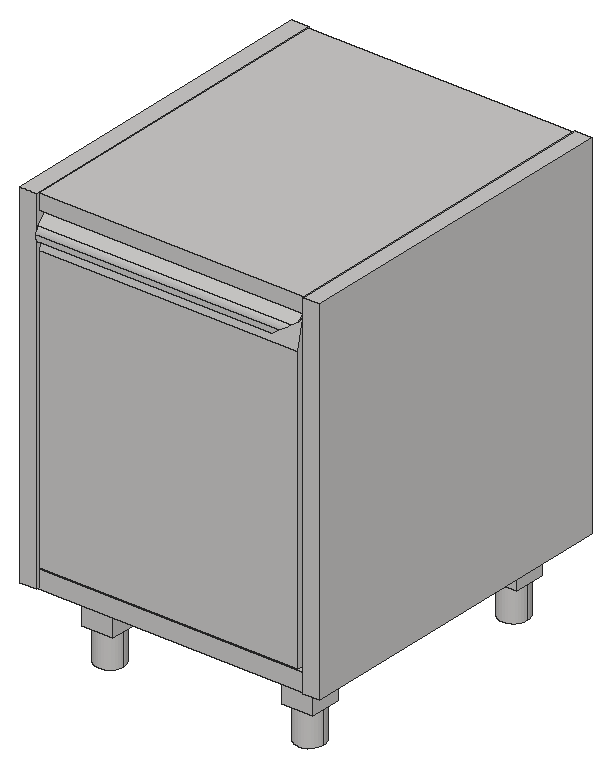
Revit family "QF_ELECTROLUXPROFESSIONAL_121819_TERP6DA", category Attrezzature speciali, Revit 2020
Family settings
  Quota connettore circolare = Usa diametro
  Tipo di parte = Normale
  Basato su piano di lavoro = No
  Sempre verticale = Sì
  Taglio con vuoti quando caricato = No
  Condiviso = No
  Punto di calcolo locali = No
Parameters (values of type "Standard")
  Weight = 10.00 kg
  Watts = 0 W
  Volts = 0 V
  URL Manufacturer = "https://www.electroluxprofessional.com/"
  URL = "https://www.electroluxprofessional.com/"
  Steam Supply Size = 0 mm
  Steam Supply Minimum Pressure = 0.0 Pa
  Steam Supply Maximum Pressure = 0.0 Pa
  Steam Consumption per Hour = 0
  Refrigeration Suction Line Size = 0.0 mm
  Refrigeration Liquid Line Size = 0.0 mm
  Refrigerant Compressor Remote = yes
  Prospetto di default = 0.0 mm
  Phase = 0
  Modello = "TERP6DA"
  Produttore = "Electrolux Professional"
  Length Actual = 600.0 mm  # constant formula
  Item Number = "121819"
  Hot Water Size = 0 mm
  Height Actual = 860.0 mm  # constant formula
  HP = "0 HP"
  Gas Size = 0 mm
  Gas KW = 0
  Gas Input Pressure = 0 W
  Direct Waste Size = 0 mm
  Descrizione = "AMBIENT UNIT PASS-THRU 1+1 DOOR 600MM"
  Depth Actual = 680.0 mm  # constant formula
  Cycle = 0 Hz
  Condensate Return Size = 0 mm
  Compressed Air Volume = 0.0 L/s
  Compressed Air Size = 0 mm
  Compressed Air Pressure = 0.0 Pa
  Cold Water Size = 0 mm
  Accessory = yes
Reference planes
  plane 1 "Center (Front/Back)": y = 0
  plane 2: z = 0
  plane 3 "Center (Left/Right)": x = -304.433
  plane 4 "LEFT": x = -604.433
  plane 5 "RIGHT": x = -4.433
  plane 6 "BACK": y = 340
  plane 7 "FRONT": y = -340
  plane 8 "Base": z = 860
  plane 9 "TOP": z = 900
  plane 10: x = -504.433
  plane 11: x = -104.433
  plane 12: y = 270
  plane 13: y = -240
  plane 14 "FEET": z = 150
  plane 15: x = -570.433
  plane 16: x = -38.433
  plane 17: y = -337
  plane 18: y = 297
  plane 19: y = -900
  plane 20: y = 337
Forms (mm)
  Extrusion 1, solid, material "QF_Finishes_Stainless Steel"
    sketch origin (0, 0, 150) x (-1, 0, 0) y (0, -1, 0)
      loop
        line (604.433, -340) -> (604.433, 340) -> (570.433, 340) -> (570.433, -340) -> (604.433, -340)
      loop
        line (38.433, -340) -> (38.433, 340) -> (4.433, 340) -> (4.433, -340) -> (38.433, -340)
    from 0 to 710
  Extrusion 2, solid, material "QF_Finishes_Stainless Steel"
    sketch origin (0, 0, 150) x (-1, 0, 0) y (0, -1, 0)
      loop
        line (570.433, -337) -> (570.433, 337) -> (38.433, 337) -> (38.433, -337) -> (570.433, -337)
    from 0 to 35
  Extrusion 3, solid, material "QF_Finishes_Stainless Steel"
    sketch origin (0, 0, 0) x (1, 0, 0) y (0, 1, 0)
      loop
        line (-570.433, 297) -> (-570.433, -297) -> (-38.433, -297) -> (-38.433, 297) -> (-570.433, 297)
    from 490 to 520
  Extrusion 4, solid, material "QF_Finishes_Stainless Steel"
    sketch origin (0, 0, 0) x (1, 0, 0) y (0, 1, 0)
      loop
        line (-570.433, -337) -> (-38.433, -337) -> (-38.433, 337) -> (-570.433, 337) -> (-570.433, -337)
    from 830 to 860
Lines and regions (mm)
  symbolic lines, style "SpecialityEquipmentHiddenLines"
    curve 1: line (-4.433, -340, 900) -> (-4.433, 340, 900)
    curve 2: line (-604.433, -344.5, 150) -> (-604.433, 340, 150)
    curve 3: line (-604.433, -340, 150) -> (-570.433, -340, 150)
    curve 4: line (-570.433, -340, 150) -> (-570.433, -337, 150)
    curve 5: line (-570.433, -337, 150) -> (-38.433, -337, 150)
    curve 6: line (-38.433, -337, 150) -> (-38.433, -340, 150)
    curve 7: line (-38.433, -340, 150) -> (-4.433, -340, 150)
    curve 8: line (-604.433, 340, 150) -> (-570.433, 340, 150)
    curve 9: line (-570.433, 340, 150) -> (-570.433, 337, 150)
    curve 10: line (-570.433, 337, 150) -> (-38.433, 337, 150)
    curve 11: line (-38.433, 337, 150) -> (-38.433, 340, 150)
    curve 12: line (-38.433, 340, 150) -> (-4.433, 340, 150)
Dimensions and locks
  plane 4 "LEFT" to plane 5 "RIGHT" = 600.0 mm
  equal spacing: plane 4 "LEFT", plane 3 "Center (Left/Right)", plane 5 "RIGHT"
  plane 6 "BACK" to plane 7 "FRONT" = 680.0 mm
  equal spacing: plane 6 "BACK", plane 1 "Center (Front/Back)", plane 7 "FRONT"
  locked: plane 14 "FEET" to level at 150
  locked: plane 4 "LEFT" to plane 10 at 100
  locked: plane 11 to plane 5 "RIGHT" at 100
  locked: plane 4 "LEFT" to plane 15 at 34
  locked: plane 16 to plane 5 "RIGHT" at 34
  plane 17 to plane 7 "FRONT" = 3.0 mm
  locked: plane 6 "BACK" to plane 12 at 70
  locked: plane 13 to plane 7 "FRONT" at 100
  locked: plane 8 "Base" to level at 860
  locked: plane 9 "TOP" to level at 900
  plane 6 "BACK" to plane 19 = 1240.0 mm
  plane 6 "BACK" to plane 20 = 3.0 mm
  aligned and locked: level to plane 2
  aligned and locked: plane 10 to nested 1
  aligned and locked: plane 11 to nested 2
  aligned and locked: plane 11 to nested 4
  aligned and locked: nested 4 to plane 12
  aligned and locked: plane 10 to nested 3
  aligned and locked: nested 3 to plane 12
  aligned and locked: plane 8 "Base" to Extrusion 1
  aligned and locked: plane 6 "BACK" to Extrusion 1 sketch curve
  aligned and locked: Extrusion 1 sketch curve to plane 6 "BACK"
  aligned and locked: plane 7 "FRONT" to Extrusion 1 sketch curve
  aligned and locked: Extrusion 1 sketch curve to plane 7 "FRONT"
  aligned and locked: plane 15 to Extrusion 1
  aligned and locked: Extrusion 1 to plane 16
  aligned and locked: Extrusion 2 to plane 15
  aligned and locked: plane 16 to Extrusion 2
  aligned and locked: plane 16 to Extrusion 3
  aligned and locked: Extrusion 3 to plane 15
  aligned and locked: plane 8 "Base" to Extrusion 4
  aligned and locked: Extrusion 2 to plane 17
  aligned and locked: Extrusion 3 to plane 18
  aligned and locked: Extrusion 4 to plane 17
  aligned and locked: nested 1 to plane 13
  aligned and locked: nested 2 to plane 13
Automatic sketch dimensions
  curve 1 to plane 5 "RIGHT" = 0.0 mm
  curve 1 to plane 7 "FRONT" = 0.0 mm
  curve 1 to plane 6 "BACK" = 0.0 mm
  Extrusion 1 sketch curve to plane 5 "RIGHT" = 0.0 mm
  Extrusion 1 sketch curve to plane 16 = 0.0 mm
  Extrusion 1 sketch curve to plane 15 = 0.0 mm
  Extrusion 1 sketch curve to plane 4 "LEFT" = 0.0 mm
  Extrusion 2 sketch curve to plane 16 = 0.0 mm
  Extrusion 2 sketch curve to plane 15 = 0.0 mm
  plane 20 to Extrusion 2 sketch curve = 0.0 mm
  Extrusion 2 sketch curve to plane 17 = 0.0 mm
  curve 7 to plane 5 "RIGHT" = 0.0 mm
  curve 12 to plane 5 "RIGHT" = 0.0 mm
  curve 12 to plane 6 "BACK" = 0.0 mm
  curve 12 to plane 16 = 0.0 mm
  curve 7 to plane 7 "FRONT" = 0.0 mm
  curve 7 to plane 16 = 0.0 mm
  curve 5 to plane 15 = 0.0 mm
  curve 8 to plane 6 "BACK" = 0.0 mm
  curve 8 to plane 15 = 0.0 mm
  curve 2 to plane 4 "LEFT" = 0.0 mm
  plane 20 to curve 9 = 0.0 mm
  curve 4 to plane 17 = 0.0 mm
  curve 4 to plane 7 "FRONT" = 0.0 mm
  curve 2 to plane 7 "FRONT" = 4.5 mm
  Extrusion 3 sketch curve to plane 15 = 0.0 mm
  Extrusion 3 sketch curve to plane 16 = 0.0 mm
  plane 18 to Extrusion 3 sketch curve = 0.0 mm
  plane 17 to Extrusion 3 sketch curve = 40.0 mm
  Extrusion 4 sketch curve to plane 15 = 0.0 mm
  Extrusion 4 sketch curve to plane 16 = 0.0 mm
  Extrusion 4 sketch curve to plane 17 = 0.0 mm
  plane 20 to Extrusion 4 sketch curve = 0.0 mm
Nested families
  nested 1: "FEET_L63-150" at (-504.433, -240, 0), type "FEET_L63-150"
  nested 2: "FEET_L63-150" at (-104.433, -240, 0), type "FEET_L63-150"
  nested 3: "FEET_L63-150" at (-504.433, 270, 0), type "FEET_L63-150"
  nested 4: "FEET_L63-150" at (-104.433, 270, 0), type "FEET_L63-150"
  nested 5: "H637_600_1DOOR" at (-344.819, -297, 150) x (1, 0, 0) z (0, -1, 0), type "H637_600_1DOOR"
    with Width 600.0 mm, Show Clearance yes
  nested 6: "H637_600_1DOOR" at (-263.913, 297, 150) x (-1, 0, 0) z (0, 1, 0), type "H637_600_1DOOR"
    with Width 600.0 mm, Show Clearance yes
Definition of nested family "FEET_L63-150"
  Parameters
    Default Elevation = 0.0 mm
    FEET = 150.0 mm
  Reference planes
    plane 1 "Center (Front/Back)": y = 0
    plane 2: z = 0
    plane 3 "Center (Left/Right)": x = 0
    plane 4: z = 150
  Forms (mm)
    Extrusion 1, solid
      sketch origin (0, 0, 0) x (1, 0, 0) y (0, 1, 0)
        loop
          circle (0, 0) r 28
      from 0 to 67
    Extrusion 2, solid
      sketch origin (0, 0, 0) x (1, 0, 0) y (0, 1, 0)
        loop
          line (31.561, 31.5) -> (-31.439, 31.5) -> (-31.439, -31.5) -> (31.561, -31.5) -> (31.561, 31.5)
      from 67 to 150 <- "FEET"
  Lines and regions (mm)
    symbolic lines
      curve 1: line (0, -1.503, 0) -> (0, 1.508, 0)
      curve 2: line (1.561, 0, 0) -> (-1.439, 0, 0)
  Dimensions and locks
    "FEET": plane 4 to plane 2
    aligned and locked: level to plane 2
  Automatic sketch dimensions
    plane 1 "Center (Front/Back)" to Extrusion 1 sketch curve = 0.0 mm
    Extrusion 1 sketch curve to plane 3 "Center (Left/Right)" = 0.0 mm
    plane 1 "Center (Front/Back)" to curve 2 = 0.0 mm
    curve 1 to plane 3 "Center (Left/Right)" = 0.0 mm
    curve 2 to plane 3 "Center (Left/Right)" = 1.439 mm
    plane 3 "Center (Left/Right)" to curve 2 = 1.561 mm
    plane 1 "Center (Front/Back)" to curve 1 = 1.503 mm
    curve 1 to plane 1 "Center (Front/Back)" = 1.508 mm
    Extrusion 2 sketch curve to plane 1 "Center (Front/Back)" = 31.5 mm
    Extrusion 2 sketch curve to plane 3 "Center (Left/Right)" = 31.439 mm
    plane 3 "Center (Left/Right)" to Extrusion 2 sketch curve = 31.561 mm
    plane 1 "Center (Front/Back)" to Extrusion 2 sketch curve = 31.5 mm
    radius of Extrusion 1 sketch curve = 28.0 mm
Definition of nested family "H637_600_1DOOR"
  Parameters
    Width [instance] = 600.0 mm
    Show Clearance [instance] = yes
    Model = "727995"
    Height = 710.0 mm
    Default Elevation = 0.0 mm
  Reference planes
    plane 1 "Center (Front/Back)": y = 0
    plane 2: z = 0
    plane 3 "Center (Left/Right)": x = 36.042
    plane 4 "panel": z = 25
    plane 5 "Left": x = -263.958
    plane 6 "Right": x = 336.042
    plane 7: y = 710
    plane 8: z = 45
    plane 9: x = 294.542
    plane 10: x = -222.458
    plane 11: y = 672
    plane 12: y = 38
    plane 13: z = 603
  Forms (mm)
    Extrusion 1, solid
      sketch origin (0, -919.2, 0) x (1, 0, 0) y (0, 1, 0)
        loop
          line (-980.5, 2119.2) -> (-980.5, -162.846) -> (881.94, -162.846) -> (881.94, 2119.2) -> (-980.5, 2119.2)
      from 0 to -59.546
    Extrusion 2, solid
      sketch origin (36.042, -219.693, 0) x (0, 1, 0) y (0, 0, 1)
        loop
          line (848.63, 49.734) -> (848.63, 47.734) -> (858.98, 47.734)
          arc (858.98, 47.734) -> (865.586, 46.42) -> (871.186, 42.679) r 17.261
          line (871.186, 42.679) -> (888.019, 25.845) -> (891.693, 25) -> (872.6, 44.093)
          arc (872.6, 44.093) -> (866.351, 48.268) -> (858.98, 49.734) r 19.261
          line (858.98, 49.734) -> (848.63, 49.734)
      from -258.5 to 258.5
    Extrusion 3, void
      sketch origin (0, -219.693, 25) x (1, 0, 0) y (0, 1, 0)
        loop
          line (304.066, 839.859) -> (304.066, 882.225) -> (294.542, 882.225)
          arc (294.542, 882.225) -> (294.188, 880.688) -> (293.373, 879.339) r 5
          line (293.373, 879.339) -> (250.697, 850.51)
          arc (250.697, 850.51) -> (247.766, 849.11) -> (244.554, 848.63) r 10.974
          line (244.554, 848.63) -> (-217.698, 848.63)
          arc (-217.698, 848.63) -> (-221.064, 850.024) -> (-222.458, 853.39) r 4.76
          line (-222.458, 853.39) -> (-222.458, 839.859) -> (304.066, 839.859)
      from 0 to 27.674
    Extrusion 4, solid
      sketch origin (36.042, -190, 0) x (0, 1, 0) y (0, 0, 1)
        loop
          line (228, 40) -> (228, 0) -> (862, 0) -> (862, 25) -> (796.797, 40) -> (228, 40)
      from 258.5 to -258.5
    Extrusion 5, solid, detail levels coarse
      sketch origin (0, 0, 0) x (1, 0, 0) y (0, 0, 1)
        loop
          arc (294.542, 603) -> (-76.265, 428.055) -> (-222.458, 45) r 548.991
          line (-222.458, 45) -> (294.542, 45) -> (294.542, 603)
      from -672 to -38
  Cuts and joins
    Extrusion 3 cuts Extrusion 2
  Lines and regions (mm)
    symbolic lines
      curve 1: line (294.542, 0, 40) -> (294.542, 0, 603)
      curve 2: line (263.235, 0, 49.734) -> (-222.458, 0, 49.734)
      curve 3: spline (282.959, 0, 44.389) -> (281.421, 0, 45.265) -> (279.856, 0, 46.066) -> (278.265, 0, 46.791) -> (276.651, 0, 47.437) -> (275.017, 0, 48.005) -> (273.365, 0, 48.493) -> (271.698, 0, 48.9) -> (270.019, 0, 49.226) -> (268.331, 0, 49.471) -> (266.636, 0, 49.633) -> (264.936, 0, 49.712) -> (263.236, 0, 49.71)
      curve 4: line (289.456, 0, 40) -> (282.959, 0, 44.389)
      curve 5: line (-222.458, 0, 49.734) -> (-222.458, 0, 40)
      curve 6: arc (294.542, 0, 603) -> (-76.265, 0, 428.055) -> (-222.458, 0, 45) r 548.991
  Dimensions and locks
    plane 4 "panel" to level = 25.0 mm
    "Width": plane 5 "Left" to plane 6 "Right"
    equal spacing: plane 5 "Left", plane 3 "Center (Left/Right)", plane 6 "Right"
    "Height": plane 1 "Center (Front/Back)" to plane 7
    plane 9 to plane 6 "Right" = 41.5 mm
    plane 5 "Left" to plane 10 = 41.5 mm
    plane 7 to plane 11 = 38.0 mm
    plane 1 "Center (Front/Back)" to plane 12 = 38.0 mm
    plane 10 to plane 9 = 517.0 mm
    aligned and locked: plane 2 to Extrusion 1
    aligned and locked: level to Extrusion 1
    aligned and locked: plane 10 to Extrusion 2
    aligned and locked: plane 9 to Extrusion 2
    aligned and locked: plane 10 to Extrusion 4
    aligned and locked: plane 9 to Extrusion 4
  Automatic sketch dimensions
    Extrusion 1 sketch curve to Extrusion 1 sketch curve = 1862.44 mm
    Extrusion 1 sketch curve to Extrusion 1 sketch curve = 2282.046 mm
    Extrusion 3 sketch curve to plane 10 = 0.0 mm
    Extrusion 3 sketch curve to plane 9 = 0.0 mm
    Extrusion 3 sketch curve to Extrusion 3 sketch curve = 4.76 mm
    Extrusion 3 sketch curve to plane 9 = 49.988 mm
    Extrusion 3 sketch curve to Extrusion 3 sketch curve = 6.143 mm
    Extrusion 3 sketch curve to plane 9 = 4.988 mm
    Extrusion 3 sketch curve to plane 9 = 1.169 mm
    Extrusion 3 sketch curve to plane 6 "Right" = 31.976 mm
    Extrusion 3 sketch curve to plane 7 = 89.834 mm
    Extrusion 3 sketch curve to Extrusion 3 sketch curve = 8.771 mm
    Extrusion 3 sketch curve to Extrusion 3 sketch curve = 1.88 mm
    Extrusion 3 sketch curve to Extrusion 3 sketch curve = 39.48 mm
    Extrusion 3 sketch curve to Extrusion 3 sketch curve = 2.886 mm
    Extrusion 4 sketch curve to level = 0.0 mm
    Extrusion 4 sketch curve to plane 12 = 0.0 mm
    Extrusion 4 sketch curve to plane 4 "panel" = 0.0 mm
    Extrusion 4 sketch curve to plane 11 = 0.0 mm
    Extrusion 4 sketch curve to plane 8 = 5.0 mm
    Extrusion 4 sketch curve to plane 11 = 65.203 mm
    Extrusion 2 sketch curve to Extrusion 2 sketch curve = 0.0 mm  (x2)
    Extrusion 2 sketch curve to plane 4 "panel" = 0.0 mm
    Extrusion 2 sketch curve to plane 11 = 0.0 mm
    Extrusion 2 sketch curve to plane 8 = 0.907 mm
    Extrusion 2 sketch curve to plane 11 = 19.093 mm
    Extrusion 2 sketch curve to plane 8 = 2.321 mm
    Extrusion 2 sketch curve to Extrusion 2 sketch curve = 1.414 mm
    plane 4 "panel" to Extrusion 2 sketch curve = 5.474 mm
    Extrusion 2 sketch curve to Extrusion 2 sketch curve = 12.205 mm
    Extrusion 2 sketch curve to Extrusion 2 sketch curve = 10.351 mm
    plane 4 "panel" to Extrusion 2 sketch curve = 0.845 mm
    Extrusion 2 sketch curve to plane 11 = 3.674 mm
    plane 10 to curve 5 = 0.0 mm
    curve 1 to plane 9 = 0.0 mm
    curve 1 to plane 13 = 0.0 mm
    curve 4 to plane 8 = 0.611 mm
    curve 4 to plane 9 = 11.583 mm
    plane 8 to curve 2 = 4.734 mm
    curve 2 to curve 3 = 19.723 mm
    curve 2 to curve 3 = 0.0 mm
    curve 3 to curve 3 = 0.908 mm
    curve 4 to plane 9 = 5.086 mm
    curve 3 to level = 1.281 mm
    curve 1 to plane 8 = 5.0 mm
    curve 4 to plane 8 = 5.0 mm
    curve 5 to plane 8 = 5.0 mm
    curve 3 to curve 2 = 0.025 mm
    Extrusion 5 sketch curve to plane 8 = 0.0 mm
    plane 10 to Extrusion 5 sketch curve = 0.0 mm
    Extrusion 5 sketch curve to plane 9 = 0.0 mm
    Extrusion 5 sketch curve to plane 13 = 0.0 mm
    plane 8 to Extrusion 5 sketch curve = 9.937 mm
    curve 6 to plane 8 = 0.0 mm
    plane 8 to curve 6 = 9.937 mm
